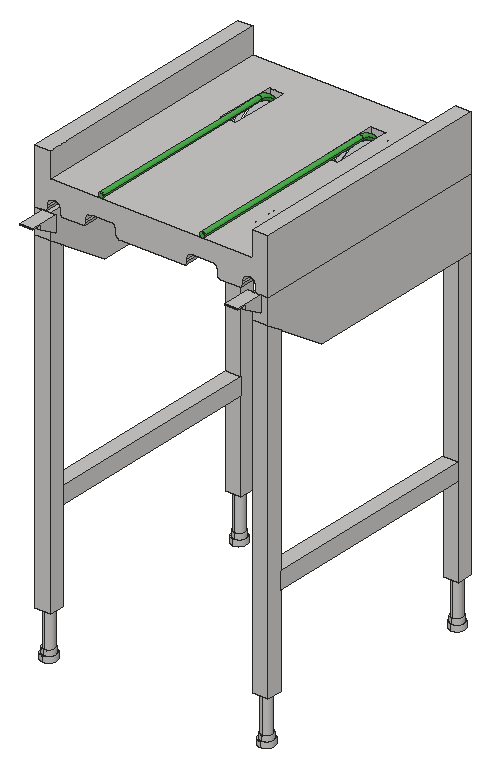
Revit family "QF_ELECTROLUXPROFESSIONAL_865133_HSCCTR", category Attrezzature speciali, Revit 2020
Family settings
  Quota connettore circolare = Usa diametro
  Tipo di parte = Normale
  Basato su piano di lavoro = No
  Sempre verticale = Sì
  Taglio con vuoti quando caricato = No
  Condiviso = No
  Punto di calcolo locali = No
Parameters (values of type "Standard")
  Weight = 22.00 kg
  Watts = 0 W
  Volts = 0 V
  URL Manufacturer = "https://www.electroluxprofessional.com/"
  URL = "https://www.electroluxprofessional.com/"
  Steam Supply Size = 0 mm
  Steam Supply Minimum Pressure = 0.0 Pa
  Steam Supply Maximum Pressure = 0.0 Pa
  Steam Consumption per Hour = 0
  Show Clearance [instance] = yes
  Refrigeration Suction Line Size = 0 mm
  Refrigeration Liquid Line Size = 0 mm
  Refrigerant Compressor Remote = yes
  Prospetto di default = 0 mm
  Produttore = "Electrolux Professional"
  Phase = 0
  Modello = "HSCCTR"
  Length Actual = 500 mm  # constant formula
  Item Number = "865133"
  Hot Water Size = 0 mm
  Height Actual = 910 mm  # constant formula
  HP = "0 HP"
  Gas Size = 0 mm
  Gas KW = 0
  Gas Input Pressure = 0 W
  Direct Waste Size = 0 mm
  Descrizione = "RETURN UNIT OF CORD CONVEYOR FOR TRAYS WITH LEGS"
  Depth Actual = 460 mm  # constant formula
  Cycle = 0 Hz
  Condensate Return Size = 0 mm
  Compressed Air Volume = 0.0 L/s
  Compressed Air Size = 0 mm
  Compressed Air Pressure = 0.0 Pa
  Cold Water Size = 0 mm
  Accessory = yes
Reference planes
  plane 1 "Center (Front/Back)": y = 0
  plane 2: z = 0
  plane 3 "FRONT": y = -557
  plane 4 "LEFT": x = 4
  plane 5 "RIGHT": x = 464
  plane 6: z = 800.5
  plane 7: x = 234
  plane 8: y = -500
  plane 9: z = 910.5
  plane 10: y = -500
  plane 11: z = 270.5
  plane 12: x = 134
  plane 13: x = 334
  plane 14: y = -250
Forms (mm)
  Extrusion 1, solid, material "QF_Finishes_Stainless Steel"
    sketch origin (4, -374, 800.5) x (-1, 0, 0) y (0, 0, 1)
      loop
        line (0, 110) -> (-30, 110) -> (-30, 60) -> (-430, 60) -> (-430, 110) -> (-460, 110) -> (-460, 0) -> (-442, 0)
        arc (-442, 0) -> (-437.05, 2.05) -> (-435, 7) r 7
        line (-435, 7) -> (-435, 12.5)
        arc (-435, 12.5) -> (-431.339, 21.339) -> (-422.5, 25) r 12.5
        arc (-422.5, 25) -> (-413.661, 21.339) -> (-410, 12.5) r 12.5
        line (-410, 12.5) -> (-410, 7)
        arc (-410, 7) -> (-407.95, 2.05) -> (-403, 0) r 7
        line (-403, 0) -> (-367, 0)
        arc (-367, 0) -> (-362.05, 2.05) -> (-360, 7) r 7
        line (-360, 7) -> (-360, 12.5)
        arc (-360, 12.5) -> (-356.339, 21.339) -> (-347.5, 25) r 12.5
        line (-347.5, 25) -> (-312.5, 25)
        arc (-312.5, 25) -> (-303.661, 21.339) -> (-300, 12.5) r 12.5
        line (-300, 12.5) -> (-300, 6.708)
        arc (-300, 6.708) -> (-298.612, 2.525) -> (-295, 0) r 7
        line (-295, 0) -> (-167, 0)
        arc (-167, 0) -> (-162.05, 2.05) -> (-160, 7) r 7
        line (-160, 7) -> (-160, 12.5)
        arc (-160, 12.5) -> (-156.339, 21.339) -> (-147.5, 25) r 12.5
        line (-147.5, 25) -> (-112.5, 25)
        arc (-112.5, 25) -> (-103.661, 21.339) -> (-100, 12.5) r 12.5
        line (-100, 12.5) -> (-100, 7)
        arc (-100, 7) -> (-97.95, 2.05) -> (-93, 0) r 7
        line (-93, 0) -> (-57, 0)
        arc (-57, 0) -> (-52.05, 2.05) -> (-50, 7) r 7
        line (-50, 7) -> (-50, 12.5)
        arc (-50, 12.5) -> (-46.339, 21.339) -> (-37.5, 25) r 12.5
        arc (-37.5, 25) -> (-28.661, 21.339) -> (-25, 12.5) r 12.5
        line (-25, 12.5) -> (-25, 7)
        arc (-25, 7) -> (-22.95, 2.05) -> (-18, 0) r 7
        line (-18, 0) -> (0, 0) -> (0, 110)
    from -126 to 374
  Extrusion 2, solid, material "QF_Finishes_Stainless Steel"
    sketch origin (-92, -1395, 0) x (0, -1, 0) y (0, 0, 1)
      loop
        line (-1365, 660.5) -> (-1395, 660.5) -> (-1395, 90.5) -> (-1365, 90.5) -> (-1365, 660.5)
    from -126 to -96
  Revolve 3, solid, material "QF_Finishes_Stainless Steel"
    sketch origin (19, -925, 0) x (0, -1, 0) y (0, 0, 1)
      loop
        line (-895, 0) -> (-895, 10.5) -> (-897.984, 10.5) -> (-897.984, 20.5) -> (-900, 20.5) -> (-900, 90.5) -> (-910, 90.5) -> (-910, 0) -> (-895, 0)
      axis (-910, 0) -> (-910, 90.5)
    angle from 0 to 360
  Extrusion 4, solid, material "QF_Finishes_Stainless Steel"
    sketch origin (338, -500, 0) x (0, -1, 0) y (0, 0, 1)
      loop
        line (-470, 270.5) -> (-30, 270.5) -> (-30, 303.83) -> (-470, 303.83) -> (-470, 270.5)
    from 304 to 334
  Extrusion 5, void
    sketch origin (333, -220, 0) x (-1, 0, 0) y (0, -1, 0)
      loop
        line (-16, -35) -> (-16, -155) -> (14, -155) -> (14, -35) -> (-16, -35)
    from 732.618 to 974.536
  Extrusion 6, void
    sketch origin (125, -220, 0) x (1, 0, 0) y (0, 1, 0)
      loop
        line (-6, 35) -> (24, 35) -> (24, 155) -> (-6, 155) -> (-6, 35)
    from 732.618 to 974.536
  Sweep 7, solid, material "QF_Finishes_Green"
    path origin (134, 0, 0) x (0, 1, 0) y (0, 0, 1)
      loop
        line (-500, 866.334) -> (-110.41, 866.334)
        arc (-110.41, 866.334) -> (-82.126, 854.618) -> (-70.41, 826.334) r 40
        line (-70.41, 826.334) -> (-70.41, 811.334)
    profile origin (134, -305.205, 866.334) x (0, 0, 1) y (1, 0, 0)
      loop
        circle (0, 0) r 5
  Sweep 8, solid, material "QF_Finishes_Green"
    path origin (334, 0, 0) x (0, 1, 0) y (0, 0, 1)
      loop
        line (-500, 866.334) -> (-110.41, 866.334)
        arc (-110.41, 866.334) -> (-82.126, 854.618) -> (-70.41, 826.334) r 40
        line (-70.41, 826.334) -> (-70.41, 811.334)
    profile origin (334, -305.205, 866.334) x (0, 0, 1) y (1, 0, 0)
      loop
        circle (0, 0) r 5
  Extrusion 9, solid, material "QF_Finishes_Stainless Steel"
    sketch origin (130, 0, 0) x (0, 1, 0) y (0, 0, 1)
      loop
        line (-500.187, 800.5) -> (-557, 800.5) -> (-557, 798.488) -> (-537, 798.488) -> (-537, 790.5) -> (-500.187, 768.687) -> (-500.187, 800.5)
    from -110.797 to -86
  Extrusion 10, solid, material "QF_Finishes_Stainless Steel"
    sketch origin (338, 0, 0) x (0, 1, 0) y (0, 0, -1)
      loop
        line (-500.187, -800.5) -> (-500.187, -768.687) -> (-537, -790.5) -> (-537, -798.488) -> (-557, -798.488) -> (-557, -800.5) -> (-500.187, -800.5)
    from -110.797 to -86
  Extrusion 11, solid, material "QF_Finishes_White"
    sketch origin (130, -60, -13.75) x (0, 1, 0) y (0, 0, 1)
      loop
        circle (-65, 825.5) r 55
    from -3.739 to -1
  Extrusion 12, solid, material "QF_Finishes_White"
    sketch origin (130, 0, -13.75) x (0, 1, 0) y (0, 0, 1)
      loop
        circle (-125, 825.5) r 35
    from -1 to 9
  Extrusion 13, solid, material "QF_Finishes_White"
    sketch origin (138, -60, -13.75) x (0, 1, 0) y (0, 0, -1)
      loop
        circle (-65, -825.5) r 55
    from -3.739 to -1
  Extrusion 14, solid, material "QF_Finishes_White"
    sketch origin (338, -60, -13.75) x (0, 1, 0) y (0, 0, -1)
      loop
        circle (-65, -825.5) r 55
    from -3.739 to -1
  Extrusion 15, solid, material "QF_Finishes_White"
    sketch origin (338, 0, -13.75) x (0, 1, 0) y (0, 0, -1)
      loop
        circle (-125, -825.5) r 35
    from -1 to 9
  Extrusion 16, solid, material "QF_Finishes_White"
    sketch origin (330, -60, -13.75) x (0, 1, 0) y (0, 0, 1)
      loop
        circle (-65, 825.5) r 55
    from -3.739 to -1
  Revolve 17, solid, material "QF_Finishes_Stainless Steel"
    sketch origin (19, -1395, 0) x (0, -1, 0) y (0, 0, 1)
      loop
        line (-895, 0) -> (-895, 10.5) -> (-897.984, 10.5) -> (-897.984, 20.5) -> (-900, 20.5) -> (-900, 90.5) -> (-910, 90.5) -> (-910, 0) -> (-895, 0)
      axis (-910, 0) -> (-910, 90.5)
    angle from 0 to 360
  Extrusion 18, solid, material "QF_Finishes_Stainless Steel"
    sketch origin (-92, 895, 0) x (0, 1, 0) y (0, 0, -1)
      loop
        line (-1365, -730.265) -> (-1365, -90.5) -> (-1395, -90.5) -> (-1395, -750.5) -> (-1365, -730.265)
    from -126 to -96
  Extrusion 19, solid, material "QF_Finishes_Stainless Steel"
    sketch origin (-92, -1395, 570) x (0, -1, 0) y (0, 0, 1)
      loop
        line (-895, 230.5) -> (-1395, 230.5) -> (-1395, 90.5) -> (-1028.43, 90.5) -> (-895, 180.5) -> (-895, 230.5)
    from -126 to -96
  Extrusion 20, solid, material "QF_Finishes_Stainless Steel"
    sketch origin (560, -1395, 0) x (0, -1, 0) y (0, 0, -1)
      loop
        line (-1365, -660.5) -> (-1365, -90.5) -> (-1395, -90.5) -> (-1395, -660.5) -> (-1365, -660.5)
    from -126 to -96
  Revolve 21, solid, material "QF_Finishes_Stainless Steel"
    sketch origin (449, -925, 0) x (0, -1, 0) y (0, 0, -1)
      loop
        line (-895, 0) -> (-910, 0) -> (-910, -90.5) -> (-900, -90.5) -> (-900, -20.5) -> (-897.984, -20.5) -> (-897.984, -10.5) -> (-895, -10.5) -> (-895, 0)
      axis (-910, 0) -> (-910, -90.5)
    angle from 0 to 360
  Extrusion 22, solid, material "QF_Finishes_Stainless Steel"
    sketch origin (130, -500, 0) x (0, -1, 0) y (0, 0, -1)
      loop
        line (-470, -270.5) -> (-470, -303.83) -> (-30, -303.83) -> (-30, -270.5) -> (-470, -270.5)
    from 304 to 334
  Revolve 23, solid, material "QF_Finishes_Stainless Steel"
    sketch origin (449, -1395, 0) x (0, -1, 0) y (0, 0, -1)
      loop
        line (-895, 0) -> (-910, 0) -> (-910, -90.5) -> (-900, -90.5) -> (-900, -20.5) -> (-897.984, -20.5) -> (-897.984, -10.5) -> (-895, -10.5) -> (-895, 0)
      axis (-910, 0) -> (-910, -90.5)
    angle from 0 to 360
  Extrusion 24, solid, material "QF_Finishes_Stainless Steel"
    sketch origin (560, 895, 0) x (0, 1, 0) y (0, 0, 1)
      loop
        line (-1365, 730.265) -> (-1395, 750.5) -> (-1395, 90.5) -> (-1365, 90.5) -> (-1365, 730.265)
    from -126 to -96
  Extrusion 25, solid, material "QF_Finishes_Stainless Steel"
    sketch origin (338, -1395, 570) x (0, -1, 0) y (0, 0, 1)
      loop
        line (-895, 230.5) -> (-1395, 230.5) -> (-1395, 90.5) -> (-1028.43, 90.5) -> (-895, 180.5) -> (-895, 230.5)
    from -126 to -96
Cuts and joins
  Extrusion 5, Extrusion 6 cuts Extrusion 1
  joined: Extrusion 12, Extrusion 13
Dimensions and locks
  plane 4 "LEFT" to plane 5 "RIGHT" = 460 mm
  plane 5 "RIGHT" to plane 4 "LEFT" = 460 mm
  plane 9 to level = 910.5 mm  (x2)
  plane 8 to plane 1 "Center (Front/Back)" = 500 mm
  plane 12 to plane 13 = 200 mm  (x2)
  plane 1 "Center (Front/Back)" to plane 10 = 500 mm
  aligned and locked: level to plane 2
